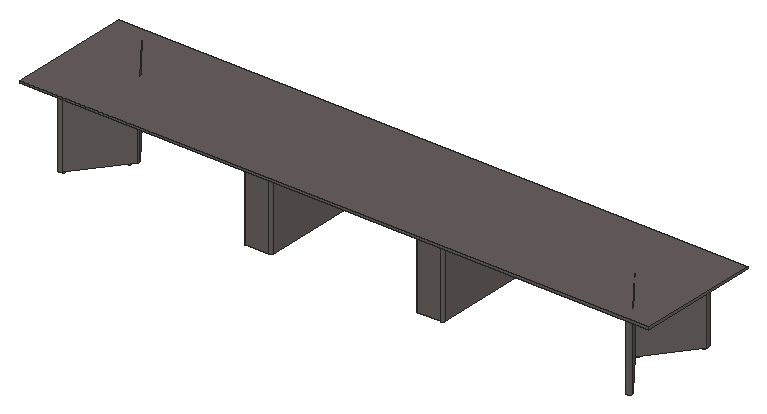
Revit family "Table-Teknion-CFTSTV_Figure_Table_Rectangular_Open_V_Leg_Subtop-R2023", category Furniture, Revit 2023 (continued)
Definition of nested family "Hexa Panel"
  Lines and regions (in)
    symbolic lines, detail levels fine
      curve 51: line (4.08986, 6.75211, 0) -> (4.27028, 7.06461, 0)
      curve 52: line (4.27028, 7.06461, 0) -> (4.08986, 7.37711, 0)
      curve 53: line (-3.72901, 7.37711, 0) -> (-4.08986, 7.37711, 0)
      curve 54: line (-4.08986, 7.37711, 0) -> (-4.27028, 7.06461, 0)
      curve 55: line (-4.27028, 7.06461, 0) -> (-4.08986, 6.75211, 0)
      curve 56: line (-4.08986, 6.75211, 0) -> (-3.72901, 6.75211, 0)
      curve 57: line (-3.72901, 6.75211, 0) -> (-3.54859, 7.06461, 0)
      curve 58: line (-3.54859, 7.06461, 0) -> (-3.72901, 7.37711, 0)
      curve 59: line (0.36084, 15.5, 0) -> (0.18042, 15.8125, 0)
      curve 60: line (0.18042, 15.8125, 0) -> (-0.18042, 15.8125, 0)
      curve 61: line (-0.18042, 15.8125, 0) -> (-0.36084, 15.5, 0)
      curve 62: line (-0.36084, 15.5, 0) -> (-0.18042, 15.1875, 0)
      curve 63: line (-0.18042, 15.1875, 0) -> (0.18042, 15.1875, 0)
      curve 64: line (0.18042, 15.1875, 0) -> (0.36084, 15.5, 0)
      curve 65: arc (-0.5, 15.5, 0) -> (0, 16, 0) -> (0.5, 15.5, 0) r 0.5
      curve 66: arc (0.5, 15.5, 0) -> (0, 15, 0) -> (-0.5, 15.5, 0) r 0.5
      curve 67: arc (3.40943, 7.06461, 0) -> (3.90943, 7.56461, 0) -> (4.40943, 7.06461, 0) r 0.5
      curve 68: arc (4.40943, 7.06461, 0) -> (3.90943, 6.56461, 0) -> (3.40943, 7.06461, 0) r 0.5
      curve 69: arc (-4.40943, 7.06461, 0) -> (-3.90943, 7.56461, 0) -> (-3.40943, 7.06461, 0) r 0.5
      curve 70: arc (-3.40943, 7.06461, 0) -> (-3.90943, 6.56461, 0) -> (-4.40943, 7.06461, 0) r 0.5
      curve 71: arc (-3.40943, -7.06461, 0) -> (-3.90943, -6.56461, 0) -> (-4.40943, -7.06461, 0) r 0.5
      curve 72: arc (-4.40943, -7.06461, 0) -> (-3.90943, -7.56461, 0) -> (-3.40943, -7.06461, 0) r 0.5
      curve 73: arc (4.40943, -7.06461, 0) -> (3.90943, -6.56461, 0) -> (3.40943, -7.06461, 0) r 0.5
      curve 74: arc (3.40943, -7.06461, 0) -> (3.90943, -7.56461, 0) -> (4.40943, -7.06461, 0) r 0.5
      curve 75: arc (0.5, -15.5, 0) -> (0, -15, 0) -> (-0.5, -15.5, 0) r 0.5
      curve 76: arc (-0.5, -15.5, 0) -> (0, -16, 0) -> (0.5, -15.5, 0) r 0.5
      curve 77: line (-0.67495, -18, 0) -> (0.67495, -18, 0)
  Dimensions and locks (in)
    plane 4 "Left" to plane 5 "Right" = 10.000"
    "Panel Width": plane 6 "Back" to plane 7 "Front"
    locked: plane 8 "Top" to level at 26.75
    equal spacing: plane 6 "Back", plane 1 "Center Front/Back", plane 7 "Front"
    equal spacing: plane 4 "Left", plane 3 "Center Left/Right", plane 5 "Right"
    plane 6 "Back" to plane 11 "4" to plane 12 "3" = 2.500" locked, 8.43539" locked
    plane 7 "Front" to plane 9 "1" to plane 10 "2" = 2.500" locked, 8.43539" locked
    locked: plane 13 to plane 2 at 0.5
    plane 7 "Front" to Sweep 1 sketch curve to Sweep 1 sketch curve to Sweep 1 sketch curve to Sweep 1 sketch curve to Sweep 1 sketch curve = 0.62596" locked, 0.000" locked, 0.37404" locked, 9.72375" locked, 0.000" locked
    plane 6 "Back" to Sweep 1 sketch curve to Sweep 1 sketch curve to Sweep 1 sketch curve to Sweep 1 sketch curve to Sweep 1 sketch curve = 0.62596" locked, 0.000" locked, 0.37404" locked, 9.72375" locked, 0.000" locked
    locked: Sweep 2 sketch curve to plane 13 at 0.75
    locked: plane 8 "Top" to Sweep 2 sketch curve at 0.75
    plane 4 "Left" to Sweep 2 sketch curve to Sweep 2 sketch curve to Sweep 2 sketch curve = 0.11811" locked, 3.98417" locked, 0.000" locked
    Sweep 2 sketch curve to Sweep 2 sketch curve to Sweep 2 sketch curve to plane 5 "Right" = 0.000" locked, 3.98417" locked, 0.11811" locked
    plane 6 "Back" to Sweep 2 sketch curve to Sweep 2 sketch curve to Sweep 2 sketch curve = 0.86811" locked, 9.87856" locked, 0.000" locked
    plane 7 "Front" to Sweep 2 sketch curve to Sweep 2 sketch curve to Sweep 2 sketch curve = 0.86811" locked, 9.87856" locked, 0.000" locked
    locked: Sweep 3 sketch curve to plane 8 "Top" at 2
    locked: plane 2 to Sweep 3 sketch curve at 2.25
    plane 7 "Front" to Sweep 3 sketch curve to Sweep 3 sketch curve to Sweep 3 sketch curve to Sweep 3 sketch curve to Sweep 3 sketch curve = 6.28876" locked, 0.000" locked, 0.37404" locked, 4.47199" locked, 0.000" locked
    plane 4 "Left" to Sweep 3 sketch curve to Sweep 3 sketch curve = 2.11811" locked, 1.95448" locked
    Sweep 3 sketch curve to Sweep 3 sketch curve to plane 5 "Right" = 1.95448" locked, 2.11811" locked
    locked: plane 4 "Left" to Sweep 3 sketch curve at 4.07259
    locked: Sweep 3 sketch curve to plane 5 "Right" at 4.07259
    plane 6 "Back" to Sweep 3 sketch curve to Sweep 3 sketch curve to Sweep 3 sketch curve to Sweep 3 sketch curve to Sweep 3 sketch curve = 6.28876" locked, 0.000" locked, 0.37404" locked, 4.47199" locked, 0.000" locked
    locked: plane 4 "Left" to Sweep 1 sketch curve at 4.07259  (x2)
    locked: Sweep 1 sketch curve to plane 5 "Right" at 4.07259  (x2)
    locked: Revolve 4 sketch curve to plane 2 at 0.25
    locked: plane 3 "Center Left/Right" to Revolve 4 sketch curve at 0.5
    locked: Revolve 5 sketch curve to plane 2 at 0.25
    Revolve 5 sketch curve to Revolve 5 sketch curve to plane 4 "Left" = 0.500" locked, 0.59057" locked
    locked: plane 4 "Left" to Revolve 5 sketch curve at 1.09057
    locked: Revolve 6 sketch curve to plane 2 at 0.25
    Revolve 6 sketch curve to Revolve 6 sketch curve to plane 5 "Right" = 0.500" locked, 1.09057" locked
    locked: Revolve 6 sketch curve to plane 5 "Right" at 1.09057
    Revolve 7 sketch curve to Revolve 7 sketch curve to plane 4 "Left" = 0.500" locked, 0.59057" locked
    locked: Revolve 7 sketch curve to plane 2 at 0.25
    locked: plane 4 "Left" to Revolve 7 sketch curve at 1.09057
    locked: Revolve 9 sketch curve to plane 2 at 0.25
    locked: plane 3 "Center Left/Right" to Revolve 9 sketch curve at 0.5
    locked: Revolve 8 sketch curve to plane 2 at 0.25
    Revolve 8 sketch curve to Revolve 8 sketch curve to plane 5 "Right" = 0.500" locked, 1.09057" locked
    locked: Revolve 8 sketch curve to plane 5 "Right" at 1.09057
    locked: Sweep 10 sketch curve to plane 2 at 0.25
    Sweep 10 sketch curve to Sweep 10 sketch curve to Sweep 10 sketch curve to plane 3 "Center Left/Right" to Sweep 10 sketch curve to Sweep 10 sketch curve to Sweep 10 sketch curve = 0.18042" locked, 0.000" locked, 0.18042" locked, 0.18042" locked, 0.000" locked, 0.18042" locked  (x2)
    Sweep 10 sketch curve to plane 9 "1" to Sweep 10 sketch curve = 0.3125" locked, 0.3125" locked
    plane 4 "Left" to Sweep 10 sketch curve to Sweep 10 sketch curve to Sweep 10 sketch curve to Sweep 10 sketch curve to Sweep 10 sketch curve to Sweep 10 sketch curve = 0.72972" locked, 0.18042" locked, 0.000" locked, 0.36084" locked, 0.000" locked, 0.18042" locked  (x2)
    Sweep 10 sketch curve to Sweep 10 sketch curve to Sweep 10 sketch curve to Sweep 10 sketch curve to Sweep 10 sketch curve to Sweep 10 sketch curve to plane 5 "Right" = 0.18042" locked, 0.000" locked, 0.36084" locked, 0.000" locked, 0.18042" locked, 0.72972" locked  (x2)
    Sweep 10 sketch curve to plane 10 "2" to Sweep 10 sketch curve = 0.3125" locked, 0.3125" locked  (x2)
    Sweep 10 sketch curve to plane 12 "3" to Sweep 10 sketch curve = 0.3125" locked, 0.3125" locked  (x2)
    Sweep 10 sketch curve to plane 11 "4" to Sweep 10 sketch curve = 0.3125" locked, 0.3125" locked
    aligned and locked: level to plane 2
    aligned and locked: Sweep 1 sketch curve to plane 3 "Center Left/Right"
    aligned and locked: plane 8 "Top" to Sweep 1 sketch curve
    aligned and locked: plane 13 to Sweep 1 sketch curve
    aligned and locked: plane 6 "Back" to Sweep 1 sketch curve
    aligned and locked: plane 7 "Front" to Sweep 1 sketch curve
    aligned and locked: Sweep 2 sketch curve to plane 3 "Center Left/Right"
    aligned and locked: Sweep 3 sketch curve to plane 3 "Center Left/Right"
    aligned and locked: plane 2 to Revolve 4 sketch curve
    aligned and locked: Revolve 4 sketch curve to plane 3 "Center Left/Right"  (x2)
    aligned and locked: plane 2 to Revolve 5 sketch curve
    aligned and locked: plane 2 to Revolve 6 sketch curve
    aligned and locked: plane 2 to Revolve 7 sketch curve
    aligned and locked: plane 2 to Revolve 9 sketch curve
    aligned and locked: Revolve 9 sketch curve to plane 3 "Center Left/Right"  (x2)
    aligned and locked: plane 2 to Revolve 8 sketch curve
    aligned and locked: plane 13 to Sweep 10 sketch curve
    aligned and locked: Sweep 10 sketch curve to plane 3 "Center Left/Right"
    aligned and locked: plane 9 "1" to Sweep 10 sketch curve  (x2)
    aligned and locked: plane 10 "2" to Sweep 10 sketch curve  (x4)
    aligned and locked: plane 12 "3" to Sweep 10 sketch curve  (x4)
    aligned and locked: plane 11 "4" to Sweep 10 sketch curve  (x2)
    aligned and locked: curve 1 to cut or joined group of Sweep 1, Sweep 2, Sweep 3, Sweep 11, Sweep 12, Sweep 13, Sweep 14
    aligned and locked: curve 3 to cut or joined group of Sweep 1, Sweep 2, Sweep 3, Sweep 11, Sweep 12, Sweep 13, Sweep 14
    aligned and locked: curve 4 to cut or joined group of Sweep 1, Sweep 2, Sweep 3, Sweep 11, Sweep 12, Sweep 13, Sweep 14
    aligned and locked: curve 5 to cut or joined group of Sweep 1, Sweep 2, Sweep 3, Sweep 11, Sweep 12, Sweep 13, Sweep 14
    aligned and locked: curve 6 to cut or joined group of Sweep 1, Sweep 2, Sweep 3, Sweep 11, Sweep 12, Sweep 13, Sweep 14
    aligned and locked: curve 7 to cut or joined group of Sweep 1, Sweep 2, Sweep 3, Sweep 11, Sweep 12, Sweep 13, Sweep 14
    aligned and locked: curve 9 to cut or joined group of Sweep 1, Sweep 2, Sweep 3, Sweep 11, Sweep 12, Sweep 13, Sweep 14
    aligned and locked: curve 10 to cut or joined group of Sweep 1, Sweep 2, Sweep 3, Sweep 11, Sweep 12, Sweep 13, Sweep 14
    aligned and locked: curve 11 to cut or joined group of Sweep 1, Sweep 2, Sweep 3, Sweep 11, Sweep 12, Sweep 13, Sweep 14
    aligned and locked: curve 12 to cut or joined group of Sweep 1, Sweep 2, Sweep 3, Sweep 11, Sweep 12, Sweep 13, Sweep 14
    aligned and locked: curve 13 to cut or joined group of Sweep 1, Sweep 2, Sweep 3, Sweep 11, Sweep 12, Sweep 13, Sweep 14
    aligned and locked: curve 14 to cut or joined group of Sweep 1, Sweep 2, Sweep 3, Sweep 11, Sweep 12, Sweep 13, Sweep 14
    aligned and locked: curve 15 to cut or joined group of Sweep 1, Sweep 2, Sweep 3, Sweep 11, Sweep 12, Sweep 13, Sweep 14
    aligned and locked: curve 16 to cut or joined group of Sweep 1, Sweep 2, Sweep 3, Sweep 11, Sweep 12, Sweep 13, Sweep 14
    aligned and locked: curve 17 to cut or joined group of Sweep 1, Sweep 2, Sweep 3, Sweep 11, Sweep 12, Sweep 13, Sweep 14
    aligned and locked: curve 18 to cut or joined group of Sweep 1, Sweep 2, Sweep 3, Sweep 11, Sweep 12, Sweep 13, Sweep 14
    aligned and locked: curve 19 to cut or joined group of Sweep 1, Sweep 2, Sweep 3, Sweep 11, Sweep 12, Sweep 13, Sweep 14
    aligned and locked: curve 21 to cut or joined group of Sweep 1, Sweep 2, Sweep 3, Sweep 11, Sweep 12, Sweep 13, Sweep 14
    aligned and locked: curve 22 to cut or joined group of Sweep 1, Sweep 2, Sweep 3, Sweep 11, Sweep 12, Sweep 13, Sweep 14
    aligned and locked: curve 24 to cut or joined group of Sweep 1, Sweep 2, Sweep 3, Sweep 11, Sweep 12, Sweep 13, Sweep 14
    aligned and locked: curve 25 to cut or joined group of Sweep 1, Sweep 2, Sweep 3, Sweep 11, Sweep 12, Sweep 13, Sweep 14
    aligned and locked: curve 26 to cut or joined group of Sweep 1, Sweep 2, Sweep 3, Sweep 11, Sweep 12, Sweep 13, Sweep 14
    aligned and locked: curve 27 to cut or joined group of Sweep 1, Sweep 2, Sweep 3, Sweep 11, Sweep 12, Sweep 13, Sweep 14
    aligned and locked: curve 28 to cut or joined group of Sweep 1, Sweep 2, Sweep 3, Sweep 11, Sweep 12, Sweep 13, Sweep 14
    aligned and locked: curve 29 to cut or joined group of Revolve 4, Revolve 5, Revolve 6, Revolve 7, Revolve 8, Revolve 9, Sweep 10
    aligned and locked: curve 30 to cut or joined group of Revolve 4, Revolve 5, Revolve 6, Revolve 7, Revolve 8, Revolve 9, Sweep 10
    aligned and locked: curve 31 to cut or joined group of Revolve 4, Revolve 5, Revolve 6, Revolve 7, Revolve 8, Revolve 9, Sweep 10
    aligned and locked: curve 32 to cut or joined group of Revolve 4, Revolve 5, Revolve 6, Revolve 7, Revolve 8, Revolve 9, Sweep 10
    aligned and locked: curve 33 to cut or joined group of Revolve 4, Revolve 5, Revolve 6, Revolve 7, Revolve 8, Revolve 9, Sweep 10
    aligned and locked: curve 34 to cut or joined group of Revolve 4, Revolve 5, Revolve 6, Revolve 7, Revolve 8, Revolve 9, Sweep 10
    aligned and locked: curve 35 to cut or joined group of Revolve 4, Revolve 5, Revolve 6, Revolve 7, Revolve 8, Revolve 9, Sweep 10
    aligned and locked: curve 36 to cut or joined group of Revolve 4, Revolve 5, Revolve 6, Revolve 7, Revolve 8, Revolve 9, Sweep 10
    aligned and locked: curve 37 to cut or joined group of Revolve 4, Revolve 5, Revolve 6, Revolve 7, Revolve 8, Revolve 9, Sweep 10
    aligned and locked: curve 38 to cut or joined group of Revolve 4, Revolve 5, Revolve 6, Revolve 7, Revolve 8, Revolve 9, Sweep 10
    aligned and locked: curve 39 to cut or joined group of Revolve 4, Revolve 5, Revolve 6, Revolve 7, Revolve 8, Revolve 9, Sweep 10
    aligned and locked: curve 40 to cut or joined group of Revolve 4, Revolve 5, Revolve 6, Revolve 7, Revolve 8, Revolve 9, Sweep 10
    aligned and locked: curve 41 to cut or joined group of Revolve 4, Revolve 5, Revolve 6, Revolve 7, Revolve 8, Revolve 9, Sweep 10
    aligned and locked: curve 42 to cut or joined group of Revolve 4, Revolve 5, Revolve 6, Revolve 7, Revolve 8, Revolve 9, Sweep 10
    aligned and locked: curve 43 to cut or joined group of Revolve 4, Revolve 5, Revolve 6, Revolve 7, Revolve 8, Revolve 9, Sweep 10
    aligned and locked: curve 44 to cut or joined group of Revolve 4, Revolve 5, Revolve 6, Revolve 7, Revolve 8, Revolve 9, Sweep 10
    aligned and locked: curve 45 to cut or joined group of Revolve 4, Revolve 5, Revolve 6, Revolve 7, Revolve 8, Revolve 9, Sweep 10
    aligned and locked: curve 46 to cut or joined group of Revolve 4, Revolve 5, Revolve 6, Revolve 7, Revolve 8, Revolve 9, Sweep 10
    aligned and locked: curve 47 to cut or joined group of Revolve 4, Revolve 5, Revolve 6, Revolve 7, Revolve 8, Revolve 9, Sweep 10
    aligned and locked: curve 48 to cut or joined group of Revolve 4, Revolve 5, Revolve 6, Revolve 7, Revolve 8, Revolve 9, Sweep 10
    aligned and locked: curve 49 to cut or joined group of Revolve 4, Revolve 5, Revolve 6, Revolve 7, Revolve 8, Revolve 9, Sweep 10
    aligned and locked: curve 50 to cut or joined group of Revolve 4, Revolve 5, Revolve 6, Revolve 7, Revolve 8, Revolve 9, Sweep 10
    aligned and locked: curve 51 to cut or joined group of Revolve 4, Revolve 5, Revolve 6, Revolve 7, Revolve 8, Revolve 9, Sweep 10
    aligned and locked: curve 52 to cut or joined group of Revolve 4, Revolve 5, Revolve 6, Revolve 7, Revolve 8, Revolve 9, Sweep 10
    aligned and locked: curve 53 to cut or joined group of Revolve 4, Revolve 5, Revolve 6, Revolve 7, Revolve 8, Revolve 9, Sweep 10
    aligned and locked: curve 54 to cut or joined group of Revolve 4, Revolve 5, Revolve 6, Revolve 7, Revolve 8, Revolve 9, Sweep 10
    aligned and locked: curve 55 to cut or joined group of Revolve 4, Revolve 5, Revolve 6, Revolve 7, Revolve 8, Revolve 9, Sweep 10
    aligned and locked: curve 56 to cut or joined group of Revolve 4, Revolve 5, Revolve 6, Revolve 7, Revolve 8, Revolve 9, Sweep 10
    aligned and locked: curve 57 to cut or joined group of Revolve 4, Revolve 5, Revolve 6, Revolve 7, Revolve 8, Revolve 9, Sweep 10
    aligned and locked: curve 58 to cut or joined group of Revolve 4, Revolve 5, Revolve 6, Revolve 7, Revolve 8, Revolve 9, Sweep 10
    aligned and locked: curve 59 to cut or joined group of Revolve 4, Revolve 5, Revolve 6, Revolve 7, Revolve 8, Revolve 9, Sweep 10
    aligned and locked: curve 60 to cut or joined group of Revolve 4, Revolve 5, Revolve 6, Revolve 7, Revolve 8, Revolve 9, Sweep 10
    aligned and locked: curve 61 to cut or joined group of Revolve 4, Revolve 5, Revolve 6, Revolve 7, Revolve 8, Revolve 9, Sweep 10
    aligned and locked: curve 62 to cut or joined group of Revolve 4, Revolve 5, Revolve 6, Revolve 7, Revolve 8, Revolve 9, Sweep 10
    aligned and locked: curve 63 to cut or joined group of Revolve 4, Revolve 5, Revolve 6, Revolve 7, Revolve 8, Revolve 9, Sweep 10
    aligned and locked: curve 64 to cut or joined group of Revolve 4, Revolve 5, Revolve 6, Revolve 7, Revolve 8, Revolve 9, Sweep 10
    aligned and locked: curve 65 to cut or joined group of Revolve 4, Revolve 5, Revolve 6, Revolve 7, Revolve 8, Revolve 9, Sweep 10
    aligned and locked: curve 66 to cut or joined group of Revolve 4, Revolve 5, Revolve 6, Revolve 7, Revolve 8, Revolve 9, Sweep 10
    aligned and locked: curve 67 to cut or joined group of Revolve 4, Revolve 5, Revolve 6, Revolve 7, Revolve 8, Revolve 9, Sweep 10
    aligned and locked: curve 68 to cut or joined group of Revolve 4, Revolve 5, Revolve 6, Revolve 7, Revolve 8, Revolve 9, Sweep 10
    aligned and locked: curve 69 to cut or joined group of Revolve 4, Revolve 5, Revolve 6, Revolve 7, Revolve 8, Revolve 9, Sweep 10
    aligned and locked: curve 70 to cut or joined group of Revolve 4, Revolve 5, Revolve 6, Revolve 7, Revolve 8, Revolve 9, Sweep 10
    aligned and locked: curve 71 to cut or joined group of Revolve 4, Revolve 5, Revolve 6, Revolve 7, Revolve 8, Revolve 9, Sweep 10
    aligned and locked: curve 72 to cut or joined group of Revolve 4, Revolve 5, Revolve 6, Revolve 7, Revolve 8, Revolve 9, Sweep 10
    aligned and locked: curve 73 to cut or joined group of Revolve 4, Revolve 5, Revolve 6, Revolve 7, Revolve 8, Revolve 9, Sweep 10
    aligned and locked: curve 74 to cut or joined group of Revolve 4, Revolve 5, Revolve 6, Revolve 7, Revolve 8, Revolve 9, Sweep 10
    aligned and locked: curve 75 to cut or joined group of Revolve 4, Revolve 5, Revolve 6, Revolve 7, Revolve 8, Revolve 9, Sweep 10
    aligned and locked: curve 76 to cut or joined group of Revolve 4, Revolve 5, Revolve 6, Revolve 7, Revolve 8, Revolve 9, Sweep 10
    aligned and locked: plane 7 "Front" to curve 77
    aligned and locked: plane 8 "Top" to Sweep 11 sketch curve
  Automatic sketch dimensions
    Sweep 1 sketch curve to profile plane = 0.000"  (x2)
    Sweep 3 sketch curve to profile plane = 0.000"  (x2)
    Revolve 4 sketch curve to level = 0.69828"
    plane 13 to Revolve 4 sketch curve = 0.15926"
    Revolve 5 sketch curve to plane 13 = 0.07146"
    Revolve 5 sketch curve to level = 0.48144"
    Revolve 6 sketch curve to plane 13 = 0.0769"
    Revolve 6 sketch curve to level = 0.3269"
    level to Revolve 7 sketch curve = 0.23252"
    plane 13 to Revolve 7 sketch curve = 0.09564"
    level to Revolve 9 sketch curve = 0.54196"
    Revolve 9 sketch curve to plane 13 = 0.1177"
    level to Revolve 8 sketch curve = 0.45393"
    plane 13 to Revolve 8 sketch curve = 0.08613"
    curve 4 to plane 3 "Center Left/Right" = 0.000"
    curve 9 to plane 3 "Center Left/Right" = 0.000"
    curve 5 to curve 13 = 0.02292"
    curve 14 to curve 2 = 0.02292"
    curve 23 to curve 24 = 0.000"
    curve 25 to plane 3 "Center Left/Right" = 0.000"
    plane 10 "2" to curve 19 = 0.19941"
    curve 28 to plane 3 "Center Left/Right" = 0.000"
    plane 11 "4" to curve 65 = 0.000"
    plane 11 "4" to curve 66 = 0.000"
    plane 12 "3" to curve 67 = 0.000"
    plane 12 "3" to curve 68 = 0.000"
    plane 12 "3" to curve 69 = 0.000"
    plane 12 "3" to curve 70 = 0.000"
    curve 71 to plane 10 "2" = 0.000"
    curve 72 to plane 10 "2" = 0.000"
    curve 73 to plane 10 "2" = 0.000"
    curve 74 to plane 10 "2" = 0.000"
    curve 75 to plane 9 "1" = 0.000"  (x2)
    curve 3 to curve 16 = 0.02969"
    curve 16 to curve 4 = 0.02969"
    curve 10 to curve 11 = 0.02969"
    curve 11 to curve 9 = 0.02969"
    curve 2 to plane 6 "Back" = 0.000"
    curve 1 to plane 6 "Back" = 0.000"
    Sweep 11 sketch curve to plane 1 "Center Front/Back" = 0.000"
    Sweep 11 sketch curve to plane 4 "Left" = 3.000"
    Sweep 11 sketch curve to plane 5 "Right" = 3.000"
    Sweep 12 sketch curve to plane 1 "Center Front/Back" = 0.000"
    Sweep 12 sketch curve to plane 4 "Left" = 3.250"
    Sweep 12 sketch curve to plane 3 "Center Left/Right" = 1.000"
    Sweep 13 sketch curve to plane 3 "Center Left/Right" = 0.000"
    Sweep 13 sketch curve to level = 4.500"
    plane 13 to Sweep 13 sketch curve = 5.000"
    plane 1 "Center Front/Back" to Sweep 13 sketch curve = 0.000"
    Sweep 13 sketch curve to profile plane = 0.000"
    profile plane to Sweep 11 sketch curve = 5.000"
    Sweep 11 sketch curve to Sweep 11 sketch curve = 0.500"  (x2)
    Sweep 11 sketch curve to profile plane = 4.500"
    Sweep 11 sketch curve to Sweep 11 sketch curve = 2.250"
    profile plane to Sweep 12 sketch curve = 4.000"
    Sweep 12 sketch curve to Sweep 12 sketch curve = 0.100"  (x3)
    Sweep 12 sketch curve to Sweep 12 sketch curve = 0.500"
    Sweep 12 sketch curve to profile plane = 3.500"
    Sweep 12 sketch curve to profile plane = 3.900"
    level to Sweep 12 sketch curve = 4.500"
    Sweep 12 sketch curve to Sweep 12 sketch curve = 16.650"
    Sweep 12 sketch curve to Sweep 12 sketch curve = 0.750"
    Sweep 14 sketch curve to plane 1 "Center Front/Back" = 0.000"
    Sweep 14 sketch curve to plane 4 "Left" = 3.000"
    Sweep 14 sketch curve to plane 5 "Right" = 2.250"
    radius of Sweep 13 sketch curve = 4.11878"
Definition of nested family "V Leg"
  Parameters (values of type "V Leg")
    Warranty = "http://www.teknion.com/ca/papers/legal-canada"
    V Leg - Width [instance] = if(Depth = 60.000", 15.045", 12.743")  # 15.045"
    Unit Weight URL = "http://www.teknion.com/ca/tools/assets#&asset=bee6a381-b954-425e-8283-5a2de3a804f2,f828d448-4b62-4231-9e5f-9a8991c0ed77"
    URL = "www.teknion.com"
    To render please download texture images found here [instance] = "https://assets.teknion.com/web/5e81352c1dfdb467/revit-material-swatches/"
    Sustainability Data = "https://www.teknion.com/ca/tools/assets#&topic=216f99a5-57a0-44fc-b10a-9dee9b29ae4c&asset=444deb64-fe58-4b68-981e-f75e97781df7,b4ff2d81-9f2e-437d-9659-7cffb09c31cf"
    Series = ""
    Product Page URL = ""
    Product Line = ""
    Product Documentation Link = ""
    Part Number = ""
    Model = ""
    Manufacturer Phone = "416-661-3370"  # constant formula
    Manufacturer Fax = "416.661.4586"  # constant formula
    Manufacturer Contact Information = "http://www.teknion.com/ca/contactus"
    Manufacturer Address = "1150 Flint Road, Toronto, ON. M3J 2J5. Canada"  # constant formula
    Manufacturer = "Teknion"  # constant formula
    How To Use Teknion Materials User Guide [instance] = "https://assets.teknion.com/m/205dd0a49fa58060/original/How-to-add-a-Material-Library-and-Texture-Images-to-your-Revit-project.pdf"
    Glide Finish [instance] = none
    V Leg - Depth [instance] = if(Depth = 60.000", 36.000", 30.000")  # 36.000"
    For Additional Finishes please visit [instance] = "https://assets.teknion.com/m/44a8009b046e5d47/original/Teknion_Materials_Library.zip"
    Description = "V Leg"
    Depth [instance] = 60.000"
    Default Elevation = 0.000"
    Base Finish [instance] = none
    Assembly Code = "E2020200"
  Reference planes (in)
    plane 1 "Center Front/Back": y = -0.10332
    plane 2: z = 0
    plane 3 "Center Left/Right": x = 6.2179
    plane 4 "Left": x = -1.3046
    plane 5 "Right": x = 13.7404
    plane 6 "Back": y = 17.89668
    plane 7 "Front": y = -18.10332
    plane 8 "Top": z = 26.75
    plane 9: z = 0.5
  Forms (in)
    Sweep 1, solid, material <- "Glide Finish"
      path origin (0, -0.10332, 0) x (1, 0, 0) y (0, 0, 1)
        loop
          line (6.2179, 0.25) -> (6.2179, 0.5)
      profile origin (6.2179, -0.10332, 0.375) x (-1, 0, 0) y (0, -1, 0)
        loop
          line (6.0377, -16.91582) -> (6.39854, -16.91582) -> (6.57896, -16.60332) -> (6.39854, -16.29082) -> (6.0377, -16.29082) -> (5.85728, -16.60332) -> (6.0377, -16.91582)
        loop
          line (-5.4854, -1.89921) -> (-5.12456, -1.89921) -> (-4.94413, -1.58671) -> (-5.12456, -1.27421) -> (-5.4854, -1.27421) -> (-5.66582, -1.58671) -> (-5.4854, -1.89921)
        loop
          line (-5.66582, 1.58671) -> (-5.4854, 1.27421) -> (-5.12456, 1.27421) -> (-4.94413, 1.58671) -> (-5.12456, 1.89921) -> (-5.4854, 1.89921) -> (-5.66582, 1.58671)
        loop
          line (6.0377, 16.29082) -> (6.39854, 16.29082) -> (6.57896, 16.60332) -> (6.39854, 16.91582) -> (6.0377, 16.91582) -> (5.85728, 16.60332) -> (6.0377, 16.29082)
    Sweep 2, solid, material <- "Glide Finish"
      path origin (0, -0.10332, 0) x (1, 0, 0) y (0, 0, 1)
        loop
          line (6.2179, 0.25) -> (6.2179, 0)
      profile origin (6.2179, -0.10332, 0.125) x (0, -1, 0) y (1, 0, 0)
        loop
          circle (16.60332, -6.21812) r 0.5
        loop
          circle (-16.60332, -6.21812) r 0.5
        loop
          circle (-1.58671, 5.30498) r 0.5
        loop
          circle (1.58671, 5.30498) r 0.5
    Sweep 3, solid, material <- "Base Finish"
      path origin (0, -0.10332, 0) x (1, 0, 0) y (0, 0, 1)
        loop
          line (6.2179, 0.5) -> (6.2179, 26.75)
      profile origin (6.2179, -0.10332, 13.625) x (-1, 0, 0) y (0, -1, 0)
        loop
          line (-7.31541, -0.60876) -> (5.72915, -17.60876)
          arc (5.72915, -17.60876) -> (6.08021, -17.89687) -> (6.5225, -18) r 1
          arc (6.5225, -18) -> (7.41937, -17.44229) -> (7.31585, -16.39124) r 1
          line (7.31585, -16.39124) -> (-5.26159, 0) -> (7.31585, 16.39124)
          arc (7.31585, 16.39124) -> (7.13126, 17.79335) -> (5.72915, 17.60876) r 1
          line (5.72915, 17.60876) -> (-7.31541, 0.60876)
          arc (-7.31541, 0.60876) -> (-7.52215, 0) -> (-7.31541, -0.60876) r 0.99965
  Cuts and joins
    joined: Sweep 1, Sweep 2
  Lines and regions (in)
    Masking region 1, detail levels medium+fine
      outline origin (0, 0, 0) x (1, 0, 0) y (0, 1, 0)
        loop
          line (13.53331, 0.50544) -> (0.48875, 17.50544)
          arc (0.48875, 17.50544) -> (0.13769, 17.79355) -> (-0.3046, 17.89668) r 1
          arc (-0.3046, 17.89668) -> (-1.20147, 17.33897) -> (-1.09795, 16.28792) r 1
          line (-1.09795, 16.28792) -> (11.47949, -0.10332) -> (-1.09795, -16.49456)
          arc (-1.09795, -16.49456) -> (-0.91336, -17.89668) -> (0.48875, -17.71208) r 1
          line (0.48875, -17.71208) -> (13.53331, -0.71208)
          arc (13.53331, -0.71208) -> (13.74005, -0.10332) -> (13.53331, 0.50544) r 0.99965
    symbolic lines, detail levels fine
      curve 1: line (0.1802, 16.8125, 0) -> (-0.18064, 16.8125, 0)
      curve 2: line (-0.18064, 16.8125, 0) -> (-0.36106, 16.5, 0)
      curve 3: line (-0.36106, 16.5, 0) -> (-0.18064, 16.1875, 0)
      curve 4: line (-0.18064, 16.1875, 0) -> (0.1802, 16.1875, 0)
      curve 5: line (0.1802, 16.1875, 0) -> (0.36062, 16.5, 0)
      curve 6: line (0.36062, 16.5, 0) -> (0.1802, 16.8125, 0)
      curve 7: arc (-0.00022, 16, 0) -> (0.49978, 16.5, 0) -> (-0.00022, 17, 0) r 0.5
      curve 8: arc (-0.00022, 17, 0) -> (-0.50022, 16.5, 0) -> (-0.00022, 16, 0) r 0.5
      curve 9: line (11.88372, 1.48338, 0) -> (11.7033, 1.79588, 0)
      curve 10: line (11.7033, 1.79588, 0) -> (11.34245, 1.79588, 0)
      curve 11: line (11.34245, 1.79588, 0) -> (11.16203, 1.48338, 0)
      curve 12: line (11.16203, 1.48338, 0) -> (11.34245, 1.17088, 0)
      curve 13: line (11.34245, 1.17088, 0) -> (11.7033, 1.17088, 0)
      curve 14: line (11.7033, 1.17088, 0) -> (11.88372, 1.48338, 0)
      curve 15: arc (11.52288, 1.98338, 0) -> (11.02288, 1.48338, 0) -> (11.52288, 0.98338, 0) r 0.5
      curve 16: arc (11.52288, 0.98338, 0) -> (12.02288, 1.48338, 0) -> (11.52288, 1.98338, 0) r 0.5
      curve 17: arc (11.52288, -2.19003, 0) -> (12.02288, -1.69003, 0) -> (11.52288, -1.19003, 0) r 0.5
      curve 18: arc (11.52288, -1.19003, 0) -> (11.02288, -1.69003, 0) -> (11.52288, -2.19003, 0) r 0.5
      curve 19: line (11.7033, -1.37753, 0) -> (11.34245, -1.37753, 0)
      curve 20: line (11.34245, -1.37753, 0) -> (11.16203, -1.69003, 0)
      curve 21: line (11.16203, -1.69003, 0) -> (11.34245, -2.00253, 0)
      curve 22: line (11.34245, -2.00253, 0) -> (11.7033, -2.00253, 0)
      curve 23: line (11.7033, -2.00253, 0) -> (11.88372, -1.69003, 0)
      curve 24: line (11.88372, -1.69003, 0) -> (11.7033, -1.37753, 0)
      curve 25: line (-0.18064, -17.01915, 0) -> (0.1802, -17.01915, 0)
      curve 26: line (0.1802, -17.01915, 0) -> (0.36062, -16.70665, 0)
      curve 27: line (0.36062, -16.70665, 0) -> (0.1802, -16.39415, 0)
      curve 28: line (0.1802, -16.39415, 0) -> (-0.18064, -16.39415, 0)
      curve 29: line (-0.18064, -16.39415, 0) -> (-0.36106, -16.70665, 0)
      curve 30: line (-0.36106, -16.70665, 0) -> (-0.18064, -17.01915, 0)
      curve 31: arc (-0.00022, -16.20665, 0) -> (-0.50022, -16.70665, 0) -> (-0.00022, -17.20665, 0) r 0.5
      curve 32: arc (-0.00022, -17.20665, 0) -> (0.49978, -16.70665, 0) -> (-0.00022, -16.20665, 0) r 0.5
  Dimensions and locks (in)
    "V Leg - Width": plane 4 "Left" to plane 5 "Right"
    "V Leg - Depth": plane 6 "Back" to plane 7 "Front"
    locked: plane 8 "Top" to level at 26.75
    equal spacing: plane 6 "Back", plane 1 "Center Front/Back", plane 7 "Front"
    locked: plane 9 to plane 2 at 0.5
    locked: Sweep 1 sketch curve to plane 2 at 0.25
    locked: Sweep 2 sketch curve to plane 2 at 0.25
    equal spacing: plane 4 "Left", plane 3 "Center Left/Right", plane 5 "Right"
    plane 7 "Front" to Sweep 1 sketch curve to Sweep 1 sketch curve to Sweep 1 sketch curve to Sweep 1 sketch curve = 1.08418" locked, 0.3125" locked, 0.000" locked, 0.3125" locked
    plane 4 "Left" to Sweep 1 sketch curve to Sweep 1 sketch curve to Sweep 1 sketch curve to Sweep 1 sketch curve to Sweep 1 sketch curve to Sweep 1 sketch curve = 0.94354" locked, 0.18042" locked, 0.000" locked, 0.36084" locked, 0.000" locked, 0.18042" locked  (x2)
    Sweep 1 sketch curve to Sweep 1 sketch curve to Sweep 1 sketch curve to Sweep 1 sketch curve to plane 1 "Center Front/Back" to Sweep 1 sketch curve to Sweep 1 sketch curve to Sweep 1 sketch curve to Sweep 1 sketch curve = 0.3125" locked, 0.000" locked, 0.3125" locked, 1.27421" locked, 1.27421" locked, 0.3125" locked, 0.000" locked, 0.3125" locked
    Sweep 1 sketch curve to Sweep 1 sketch curve to Sweep 1 sketch curve to Sweep 1 sketch curve to Sweep 1 sketch curve to Sweep 1 sketch curve to Sweep 1 sketch curve to Sweep 1 sketch curve to Sweep 1 sketch curve to Sweep 1 sketch curve to Sweep 1 sketch curve to Sweep 1 sketch curve to plane 5 "Right" = 0.000" locked, 0.18042" locked, 0.000" locked, 0.000" locked, 0.000" locked, 0.36084" locked, 0.000" locked, 0.000" locked, 0.000" locked, 0.18042" locked, 0.000" locked, 1.85668" locked
    plane 6 "Back" to Sweep 1 sketch curve to Sweep 1 sketch curve to Sweep 1 sketch curve to Sweep 1 sketch curve = 1.08418" locked, 0.3125" locked, 0.000" locked, 0.3125" locked
    Sweep 2 sketch curve to plane 1 "Center Front/Back" to Sweep 2 sketch curve = 1.58671" locked, 1.58671" locked
    Sweep 2 sketch curve to Sweep 2 sketch curve to plane 5 "Right" = 0.000" locked, 2.21752" locked
    locked: plane 7 "Front" to Sweep 2 sketch curve at 1.39668
    locked: plane 4 "Left" to Sweep 2 sketch curve at 1.30438  (x2)
    locked: plane 6 "Back" to Sweep 2 sketch curve at 1.39668
    locked: Sweep 3 sketch curve to plane 5 "Right" at 1
    locked: plane 1 "Center Front/Back" to Sweep 3 sketch curve
    locked: plane 6 "Back" to Sweep 3 sketch curve at 1
    locked: plane 4 "Left" to Sweep 3 sketch curve at 1  (x2)
    locked: plane 7 "Front" to Sweep 3 sketch curve at 1
    locked: Masking region 1 sketch curve to plane 5 "Right" at 1
    locked: plane 1 "Center Front/Back" to Masking region 1 sketch curve
    locked: plane 6 "Back" to Masking region 1 sketch curve at 1
    locked: plane 4 "Left" to Masking region 1 sketch curve at 1  (x2)
    locked: plane 7 "Front" to Masking region 1 sketch curve at 1
    aligned and locked: level to plane 2
    aligned and locked: Sweep 1 sketch curve to plane 9
    aligned and locked: plane 3 "Center Left/Right" to Sweep 1 sketch curve
    aligned and locked: plane 2 to Sweep 2 sketch curve
    aligned and locked: Sweep 2 sketch curve to plane 3 "Center Left/Right"
    aligned and locked: plane 8 "Top" to Sweep 3 sketch curve
    aligned and locked: plane 3 "Center Left/Right" to Sweep 3 sketch curve
    aligned and locked: Sweep 3 sketch curve to plane 9
    aligned and locked: curve 1 to cut or joined group of Sweep 1, Sweep 2
    aligned and locked: curve 2 to cut or joined group of Sweep 1, Sweep 2
    aligned and locked: curve 3 to cut or joined group of Sweep 1, Sweep 2
    aligned and locked: curve 4 to cut or joined group of Sweep 1, Sweep 2
    aligned and locked: curve 5 to cut or joined group of Sweep 1, Sweep 2
    aligned and locked: curve 6 to cut or joined group of Sweep 1, Sweep 2
    aligned and locked: curve 7 to cut or joined group of Sweep 1, Sweep 2
    aligned and locked: curve 8 to cut or joined group of Sweep 1, Sweep 2
    aligned and locked: curve 9 to cut or joined group of Sweep 1, Sweep 2
    aligned and locked: curve 10 to cut or joined group of Sweep 1, Sweep 2
    aligned and locked: curve 11 to cut or joined group of Sweep 1, Sweep 2
    aligned and locked: curve 12 to cut or joined group of Sweep 1, Sweep 2
    aligned and locked: curve 13 to cut or joined group of Sweep 1, Sweep 2
    aligned and locked: curve 14 to cut or joined group of Sweep 1, Sweep 2
    aligned and locked: curve 15 to cut or joined group of Sweep 1, Sweep 2
    aligned and locked: curve 16 to cut or joined group of Sweep 1, Sweep 2
    aligned and locked: curve 17 to cut or joined group of Sweep 1, Sweep 2
    aligned and locked: curve 18 to cut or joined group of Sweep 1, Sweep 2
    aligned and locked: curve 19 to cut or joined group of Sweep 1, Sweep 2
    aligned and locked: curve 20 to cut or joined group of Sweep 1, Sweep 2
    aligned and locked: curve 21 to cut or joined group of Sweep 1, Sweep 2
    aligned and locked: curve 22 to cut or joined group of Sweep 1, Sweep 2
    aligned and locked: curve 23 to cut or joined group of Sweep 1, Sweep 2
    aligned and locked: curve 24 to cut or joined group of Sweep 1, Sweep 2
    aligned and locked: curve 25 to cut or joined group of Sweep 1, Sweep 2
    aligned and locked: curve 26 to cut or joined group of Sweep 1, Sweep 2
    aligned and locked: curve 27 to cut or joined group of Sweep 1, Sweep 2
    aligned and locked: curve 28 to cut or joined group of Sweep 1, Sweep 2
    aligned and locked: curve 29 to cut or joined group of Sweep 1, Sweep 2
    aligned and locked: curve 30 to cut or joined group of Sweep 1, Sweep 2
    aligned and locked: curve 31 to cut or joined group of Sweep 1, Sweep 2
    aligned and locked: curve 32 to cut or joined group of Sweep 1, Sweep 2
  Automatic sketch dimensions
    Sweep 3 sketch curve to Sweep 3 sketch curve = 0.79335"  (x4)
    plane 1 "Center Front/Back" to Sweep 3 sketch curve = 0.60876"
    plane 1 "Center Front/Back" to Sweep 3 sketch curve = 0.000"
    Sweep 3 sketch curve to Sweep 3 sketch curve = 0.79291"
    Sweep 3 sketch curve to Sweep 3 sketch curve = 0.60876"  (x2)
    Sweep 3 sketch curve to plane 1 "Center Front/Back" = 0.60876"
    Sweep 3 sketch curve to Sweep 3 sketch curve = 1.26091"
    Sweep 3 sketch curve to Sweep 3 sketch curve = 0.000"
    Masking region 1 sketch curve to Masking region 1 sketch curve = 0.000"
    Masking region 1 sketch curve to plane 6 "Back" = 0.000"
    plane 1 "Center Front/Back" to Masking region 1 sketch curve = 0.000"
    plane 4 "Left" to Masking region 1 sketch curve = 0.20665"  (x2)
    Masking region 1 sketch curve to plane 7 "Front" = 0.39124"
    Masking region 1 sketch curve to Masking region 1 sketch curve = 0.79335"
    Masking region 1 sketch curve to plane 6 "Back" = 0.39124"
    plane 5 "Right" to Masking region 1 sketch curve = 2.26091"
    plane 5 "Right" to Masking region 1 sketch curve = 0.20709"  (x2)
    plane 1 "Center Front/Back" to Masking region 1 sketch curve = 0.60876"
    radius of Sweep 2 sketch curve = 0.500"  (x4)
Definition of nested family "Teknion_2D_Node_Family-R2021"
  Reference planes (in)
    plane 1 "Center (Front/Back)": y = 0
    plane 2: z = 0
    plane 3 "Center (Left/Right)": x = 0
  Lines and regions (in)
    detail lines, in view "Ref. Level"
      curve 1: circle (0, 0, 0) r 1.25 normal (0, 0, 1)
      curve 2: line (1.91508, -1.91508, 0) -> (-1.91508, 1.91508, 0)
      curve 3: line (-1.91508, -1.91508, 0) -> (1.91508, 1.91508, 0)
